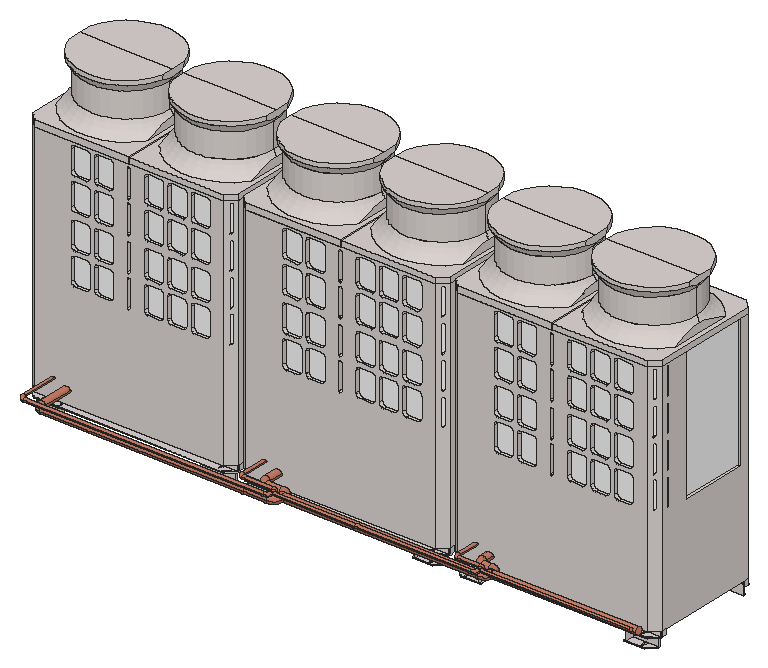
Revit family "PUHY-EP1300YSNW-A1", category 機械設備, Revit 2016 (continued)
Definition of nested family "PUHY-EP400YNW-A1"
  Lines and regions (mm)
    model lines
      curve 14: line (-347, -370, 205) -> (-347, -370, 141)
      curve 15: arc (-485, -370, 215) -> (-492.071, -370, 212.071) -> (-495, -370, 205) r 10
      curve 16: arc (-495, -370, 141) -> (-492.071, -370, 133.929) -> (-485, -370, 131) r 10
      curve 17: arc (-357, -370, 131) -> (-349.929, -370, 133.929) -> (-347, -370, 141) r 10
      curve 18: arc (-347, -370, 205) -> (-349.929, -370, 212.071) -> (-357, -370, 215) r 10
      curve 19: line (-405, -370, 1521) -> (-405, -370, 716)
      curve 20: line (620, -162.3, 1521) -> (620, -162.3, 95)
      curve 21: line (620, 289.2, 1521) -> (620, 289.2, 95)
      curve 22: line (620, -162.3, 705) -> (620, 289.2, 705)
      curve 23: line (620, -162.3, 725) -> (620, 289.2, 725)
      curve 24: line (620, -76.8, 583) -> (620, 203.2, 583)
      curve 25: line (620, 203.2, 563) -> (620, -76.8, 563)
      curve 26: arc (620, -76.8, 583) -> (620, -83.871, 580.071) -> (620, -86.8, 573) r 10
      curve 27: arc (620, -76.8, 563) -> (620, -83.871, 565.929) -> (620, -86.8, 573) r 10
      curve 28: arc (620, 203.2, 583) -> (620, 210.271, 580.071) -> (620, 213.2, 573) r 10
      curve 29: arc (620, 203.2, 563) -> (620, 210.271, 565.929) -> (620, 213.2, 573) r 10
      curve 30: line (620, -76.8, 478) -> (620, 203.2, 478)
      curve 31: line (620, 203.2, 458) -> (620, -76.8, 458)
      curve 32: arc (620, -76.8, 478) -> (620, -83.871, 475.071) -> (620, -86.8, 468) r 10
      curve 33: arc (620, -76.8, 458) -> (620, -83.871, 460.929) -> (620, -86.8, 468) r 10
      curve 34: arc (620, 203.2, 478) -> (620, 210.271, 475.071) -> (620, 213.2, 468) r 10
      curve 35: arc (620, 203.2, 458) -> (620, 210.271, 460.929) -> (620, 213.2, 468) r 10
      curve 36: line (620, -76.8, 373) -> (620, 203.2, 373)
      curve 37: line (620, 203.2, 353) -> (620, -76.8, 353)
      curve 38: arc (620, -76.8, 373) -> (620, -83.871, 370.071) -> (620, -86.8, 363) r 10
      curve 39: arc (620, -76.8, 353) -> (620, -83.871, 355.929) -> (620, -86.8, 363) r 10
      curve 40: arc (620, 203.2, 373) -> (620, 210.271, 370.071) -> (620, 213.2, 363) r 10
      curve 41: arc (620, 203.2, 353) -> (620, 210.271, 355.929) -> (620, 213.2, 363) r 10
      curve 42: line (620, -76.8, 268) -> (620, 203.2, 268)
      curve 43: line (620, 203.2, 248) -> (620, -76.8, 248)
      curve 44: arc (620, -76.8, 268) -> (620, -83.871, 265.071) -> (620, -86.8, 258) r 10
      curve 45: arc (620, -76.8, 248) -> (620, -83.871, 250.929) -> (620, -86.8, 258) r 10
      curve 46: arc (620, 203.2, 268) -> (620, 210.271, 265.071) -> (620, 213.2, 258) r 10
      curve 47: arc (620, 203.2, 248) -> (620, 210.271, 250.929) -> (620, 213.2, 258) r 10
      curve 48: line (-620, -162.3, 1521) -> (-620, -162.3, 95)
      curve 49: line (-620, 235.7, 1521) -> (-620, 235.7, 95)
      curve 50: line (-620, -112.3, 1521) -> (-620, -112.3, 705)
      curve 51: line (-620, 215.7, 1521) -> (-620, 215.7, 705)
      curve 52: line (-620, 235.7, 705) -> (-620, -162.3, 705)
      curve 53: line (-620, 176.7, 268) -> (-620, -103.3, 268)
      curve 54: line (-620, -103.3, 248) -> (-620, 176.7, 248)
      curve 55: arc (-620, 186.7, 258) -> (-620, 183.771, 265.071) -> (-620, 176.7, 268) r 10
      curve 56: arc (-620, 176.7, 248) -> (-620, 183.771, 250.929) -> (-620, 186.7, 258) r 10
      curve 57: arc (-620, -103.3, 268) -> (-620, -110.371, 265.071) -> (-620, -113.3, 258) r 10
      curve 58: arc (-620, -113.3, 258) -> (-620, -110.371, 250.929) -> (-620, -103.3, 248) r 10
      curve 59: line (-620, 176.7, 373) -> (-620, -103.3, 373)
      curve 60: line (-620, -103.3, 353) -> (-620, 176.7, 353)
      curve 61: arc (-620, 186.7, 363) -> (-620, 183.771, 370.071) -> (-620, 176.7, 373) r 10
      curve 62: arc (-620, 176.7, 353) -> (-620, 183.771, 355.929) -> (-620, 186.7, 363) r 10
      curve 63: arc (-620, -103.3, 373) -> (-620, -110.371, 370.071) -> (-620, -113.3, 363) r 10
      curve 64: arc (-620, -113.3, 363) -> (-620, -110.371, 355.929) -> (-620, -103.3, 353) r 10
      curve 65: line (-620, 176.7, 478) -> (-620, -103.3, 478)
      curve 66: line (-620, -103.3, 458) -> (-620, 176.7, 458)
      curve 67: arc (-620, 186.7, 468) -> (-620, 183.771, 475.071) -> (-620, 176.7, 478) r 10
      curve 68: arc (-620, 176.7, 458) -> (-620, 183.771, 460.929) -> (-620, 186.7, 468) r 10
      curve 69: arc (-620, -103.3, 478) -> (-620, -110.371, 475.071) -> (-620, -113.3, 468) r 10
      curve 70: arc (-620, -113.3, 468) -> (-620, -110.371, 460.929) -> (-620, -103.3, 458) r 10
      curve 71: line (-620, 176.7, 583) -> (-620, -103.3, 583)
      curve 72: line (-620, -103.3, 563) -> (-620, 176.7, 563)
      curve 73: arc (-620, 186.7, 573) -> (-620, 183.771, 580.071) -> (-620, 176.7, 583) r 10
      curve 74: arc (-620, 176.7, 563) -> (-620, 183.771, 565.929) -> (-620, 186.7, 573) r 10
      curve 75: arc (-620, -103.3, 583) -> (-620, -110.371, 580.071) -> (-620, -113.3, 573) r 10
      curve 76: arc (-620, -113.3, 573) -> (-620, -110.371, 565.929) -> (-620, -103.3, 563) r 10
      curve 77: line (-544, 370, 1521) -> (-544, 370, 95)
      curve 78: line (489, 370, 649) -> (30, 370, 649)
      curve 79: line (-30.5, 370, 649) -> (-544, 370, 649)
      curve 80: line (-147.25, 370, 584) -> (-427.25, 370, 584)
      curve 81: line (-427.25, 370, 564) -> (-147.25, 370, 564)
      curve 82: arc (-137.25, 370, 574) -> (-140.179, 370, 581.071) -> (-147.25, 370, 584) r 10
      curve 83: arc (-147.25, 370, 564) -> (-140.179, 370, 566.929) -> (-137.25, 370, 574) r 10
      curve 84: arc (-427.25, 370, 584) -> (-434.321, 370, 581.071) -> (-437.25, 370, 574) r 10
      curve 85: arc (-437.25, 370, 574) -> (-434.321, 370, 566.929) -> (-427.25, 370, 564) r 10
      curve 86: circle (448, -185, 1521) r 15 normal (0, 0, 1)
      curve 87: circle (468, -185, 95) r 26 normal (0, 0, 1)
      curve 88: circle (448, -260, 95) r 32.5 normal (0, 0, 1)
      curve 89: circle (404, -204, 95) r 17 normal (0, 0, 1)
      curve 90: line (-550, -370, 1521) -> (-550, -370, 95)
      curve 91: line (-550, -370, 716) -> (-30, -370, 716)
      curve 92: line (550, -370, 95) -> (550, -370, 1521)
      curve 93: line (30, -370, 716) -> (550, -370, 716)
      curve 94: line (-30.5, 370, 1521) -> (-30.5, 370, 95)
      curve 95: line (30, 370, 1521) -> (30, 370, 95)
      curve 96: line (489, 370, 1521) -> (489, 370, 95)
      curve 97: line (467, 370, 669) -> (467, 370, 649)
      curve 98: line (-352, -370, 223) -> (-550, -370, 223)
      curve 99: line (-342, -370, 213) -> (-342, -370, 95)
      curve 100: arc (-342, -370, 213) -> (-344.929, -370, 220.071) -> (-352, -370, 223) r 10
      curve 101: circle (488, -370, 160) r 32.5 normal (0, -1, 0)
      curve 102: circle (488, -370, 160) r 20 normal (0, -1, 0)
      curve 103: circle (364, -370, 150) r 17 normal (0, -1, 0)
      curve 104: circle (413, -370, 185) r 26 normal (0, -1, 0)
      curve 105: circle (413, -370, 185) r 13.5 normal (0, -1, 0)
      curve 106: line (352, -370, 223) -> (550, -370, 223)
      curve 107: line (342, -370, 213) -> (342, -370, 95)
      curve 108: arc (342, -370, 213) -> (344.929, -370, 220.071) -> (352, -370, 223) r 10
      curve 109: line (-147.25, 370, 479) -> (-427.25, 370, 479)
      curve 110: line (-427.25, 370, 459) -> (-147.25, 370, 459)
      curve 111: arc (-137.25, 370, 469) -> (-140.179, 370, 476.071) -> (-147.25, 370, 479) r 10
      curve 112: arc (-147.25, 370, 459) -> (-140.179, 370, 461.929) -> (-137.25, 370, 469) r 10
      curve 113: arc (-427.25, 370, 479) -> (-434.321, 370, 476.071) -> (-437.25, 370, 469) r 10
      curve 114: arc (-437.25, 370, 469) -> (-434.321, 370, 461.929) -> (-427.25, 370, 459) r 10
      curve 115: line (-147.25, 370, 374) -> (-427.25, 370, 374)
      curve 116: line (-427.25, 370, 354) -> (-147.25, 370, 354)
      curve 117: arc (-137.25, 370, 364) -> (-140.179, 370, 371.071) -> (-147.25, 370, 374) r 10
      curve 118: arc (-147.25, 370, 354) -> (-140.179, 370, 356.929) -> (-137.25, 370, 364) r 10
      curve 119: arc (-427.25, 370, 374) -> (-434.321, 370, 371.071) -> (-437.25, 370, 364) r 10
      curve 120: arc (-437.25, 370, 364) -> (-434.321, 370, 356.929) -> (-427.25, 370, 354) r 10
      curve 121: line (-147.25, 370, 269) -> (-427.25, 370, 269)
      curve 122: line (-427.25, 370, 249) -> (-147.25, 370, 249)
      curve 123: arc (-137.25, 370, 259) -> (-140.179, 370, 266.071) -> (-147.25, 370, 269) r 10
      curve 124: arc (-147.25, 370, 249) -> (-140.179, 370, 251.929) -> (-137.25, 370, 259) r 10
      curve 125: arc (-427.25, 370, 269) -> (-434.321, 370, 266.071) -> (-437.25, 370, 259) r 10
      curve 126: arc (-437.25, 370, 259) -> (-434.321, 370, 251.929) -> (-427.25, 370, 249) r 10
      curve 127: line (399.5, 370, 584) -> (119.5, 370, 584)
      curve 128: line (119.5, 370, 564) -> (399.5, 370, 564)
      curve 129: arc (409.5, 370, 574) -> (406.571, 370, 581.071) -> (399.5, 370, 584) r 10
      curve 130: arc (399.5, 370, 564) -> (406.571, 370, 566.929) -> (409.5, 370, 574) r 10
      curve 131: arc (119.5, 370, 584) -> (112.429, 370, 581.071) -> (109.5, 370, 574) r 10
      curve 132: arc (109.5, 370, 574) -> (112.429, 370, 566.929) -> (119.5, 370, 564) r 10
      curve 133: line (399.5, 370, 479) -> (119.5, 370, 479)
      curve 134: line (119.5, 370, 459) -> (399.5, 370, 459)
      curve 135: arc (409.5, 370, 469) -> (406.571, 370, 476.071) -> (399.5, 370, 479) r 10
      curve 136: arc (399.5, 370, 459) -> (406.571, 370, 461.929) -> (409.5, 370, 469) r 10
      curve 137: arc (119.5, 370, 479) -> (112.429, 370, 476.071) -> (109.5, 370, 469) r 10
      curve 138: arc (109.5, 370, 469) -> (112.429, 370, 461.929) -> (119.5, 370, 459) r 10
      curve 139: line (399.5, 370, 374) -> (119.5, 370, 374)
      curve 140: line (119.5, 370, 354) -> (399.5, 370, 354)
      curve 141: arc (409.5, 370, 364) -> (406.571, 370, 371.071) -> (399.5, 370, 374) r 10
      curve 142: arc (399.5, 370, 354) -> (406.571, 370, 356.929) -> (409.5, 370, 364) r 10
      curve 143: arc (119.5, 370, 374) -> (112.429, 370, 371.071) -> (109.5, 370, 364) r 10
      curve 144: arc (109.5, 370, 364) -> (112.429, 370, 356.929) -> (119.5, 370, 354) r 10
      curve 145: line (399.5, 370, 269) -> (119.5, 370, 269)
      curve 146: line (119.5, 370, 249) -> (399.5, 370, 249)
      curve 147: arc (409.5, 370, 259) -> (406.571, 370, 266.071) -> (399.5, 370, 269) r 10
      curve 148: arc (399.5, 370, 249) -> (406.571, 370, 251.929) -> (409.5, 370, 259) r 10
      curve 149: arc (119.5, 370, 269) -> (112.429, 370, 266.071) -> (109.5, 370, 259) r 10
      curve 150: arc (109.5, 370, 259) -> (112.429, 370, 251.929) -> (119.5, 370, 249) r 10
      curve 151: line (399.5, -370, 584) -> (119.5, -370, 584)
      curve 152: line (119.5, -370, 564) -> (399.5, -370, 564)
      curve 153: arc (409.5, -370, 574) -> (406.571, -370, 581.071) -> (399.5, -370, 584) r 10
      curve 154: arc (399.5, -370, 564) -> (406.571, -370, 566.929) -> (409.5, -370, 574) r 10
      curve 155: arc (119.5, -370, 584) -> (112.429, -370, 581.071) -> (109.5, -370, 574) r 10
      curve 156: arc (109.5, -370, 574) -> (112.429, -370, 566.929) -> (119.5, -370, 564) r 10
      curve 157: line (399.5, -370, 479) -> (119.5, -370, 479)
      curve 158: line (119.5, -370, 459) -> (399.5, -370, 459)
      curve 159: arc (409.5, -370, 469) -> (406.571, -370, 476.071) -> (399.5, -370, 479) r 10
      curve 160: arc (399.5, -370, 459) -> (406.571, -370, 461.929) -> (409.5, -370, 469) r 10
      curve 161: arc (119.5, -370, 479) -> (112.429, -370, 476.071) -> (109.5, -370, 469) r 10
      curve 162: arc (109.5, -370, 469) -> (112.429, -370, 461.929) -> (119.5, -370, 459) r 10
      curve 163: line (399.5, -370, 374) -> (119.5, -370, 374)
      curve 164: line (119.5, -370, 354) -> (399.5, -370, 354)
      curve 165: arc (409.5, -370, 364) -> (406.571, -370, 371.071) -> (399.5, -370, 374) r 10
      curve 166: arc (399.5, -370, 354) -> (406.571, -370, 356.929) -> (409.5, -370, 364) r 10
      curve 167: arc (119.5, -370, 374) -> (112.429, -370, 371.071) -> (109.5, -370, 364) r 10
      curve 168: arc (109.5, -370, 364) -> (112.429, -370, 356.929) -> (119.5, -370, 354) r 10
      curve 169: arc (119.5, -370, 269) -> (112.429, -370, 266.071) -> (109.5, -370, 259) r 10
      curve 170: arc (109.5, -370, 259) -> (112.429, -370, 251.929) -> (119.5, -370, 249) r 10
      curve 171: line (-147.25, -370, 584) -> (-427.25, -370, 584)
      curve 172: line (-427.25, -370, 564) -> (-147.25, -370, 564)
      curve 173: arc (-137.25, -370, 574) -> (-140.179, -370, 581.071) -> (-147.25, -370, 584) r 10
      curve 174: arc (-147.25, -370, 564) -> (-140.179, -370, 566.929) -> (-137.25, -370, 574) r 10
      curve 175: arc (-427.25, -370, 584) -> (-434.321, -370, 581.071) -> (-437.25, -370, 574) r 10
      curve 176: arc (-437.25, -370, 574) -> (-434.321, -370, 566.929) -> (-427.25, -370, 564) r 10
      curve 177: line (-147.25, -370, 479) -> (-427.25, -370, 479)
      curve 178: line (-427.25, -370, 459) -> (-147.25, -370, 459)
      curve 179: arc (-137.25, -370, 469) -> (-140.179, -370, 476.071) -> (-147.25, -370, 479) r 10
      curve 180: arc (-147.25, -370, 459) -> (-140.179, -370, 461.929) -> (-137.25, -370, 469) r 10
      curve 181: arc (-427.25, -370, 479) -> (-434.321, -370, 476.071) -> (-437.25, -370, 469) r 10
      curve 182: arc (-437.25, -370, 469) -> (-434.321, -370, 461.929) -> (-427.25, -370, 459) r 10
      curve 183: line (-147.25, -370, 374) -> (-427.25, -370, 374)
      curve 184: line (-427.25, -370, 354) -> (-147.25, -370, 354)
      curve 185: arc (-137.25, -370, 364) -> (-140.179, -370, 371.071) -> (-147.25, -370, 374) r 10
      curve 186: arc (-147.25, -370, 354) -> (-140.179, -370, 356.929) -> (-137.25, -370, 364) r 10
      curve 187: arc (-427.25, -370, 374) -> (-434.321, -370, 371.071) -> (-437.25, -370, 364) r 10
      curve 188: arc (-437.25, -370, 364) -> (-434.321, -370, 356.929) -> (-427.25, -370, 354) r 10
      curve 189: line (-147.25, -370, 269) -> (-262.25, -370, 269)
      curve 190: line (-262.25, -370, 249) -> (-147.25, -370, 249)
      curve 191: arc (-137.25, -370, 259) -> (-140.179, -370, 266.071) -> (-147.25, -370, 269) r 10
      curve 192: arc (-147.25, -370, 249) -> (-140.179, -370, 251.929) -> (-137.25, -370, 259) r 10
      curve 193: arc (-262.25, -370, 269) -> (-269.321, -370, 266.071) -> (-272.25, -370, 259) r 10
      curve 194: arc (-272.25, -370, 259) -> (-269.321, -370, 251.929) -> (-262.25, -370, 249) r 10
      curve 195: line (234.5, -370, 269) -> (119.5, -370, 269)
      curve 196: line (119.5, -370, 249) -> (234.5, -370, 249)
      curve 197: arc (244.5, -370, 259) -> (241.571, -370, 266.071) -> (234.5, -370, 269) r 10
      curve 198: arc (234.5, -370, 249) -> (241.571, -370, 251.929) -> (244.5, -370, 259) r 10
  Dimensions and locks
    nested 2 to nested 2 = 303.000 mm
    cut or joined group 1 (Extrusion 1, Extrusion 2, Extrusion 3, Extrusion 4, Extrusion 5, Extrusion 6, Extrusion 7, Extrusion 8, Extrusion 9, Extrusion 10, Extrusion 11, Extrusion 12, Extrusion 13, Extrusion 14, Extrusion 15, Extrusion 16, Extrusion 17, Extrusion 18, Extrusion 19, Extrusion 20, Extrusion 21, Extrusion 22, Extrusion 23, Extrusion 24, Extrusion 25, Extrusion 26, Extrusion 27, Extrusion 28, Extrusion 29, Extrusion 30, Extrusion 31, Extrusion 32, Extrusion 33) to cut or joined group 1 = 1240.000 mm
    Extrusion 2 sketch curve to Extrusion 2 sketch curve = 116.800 mm
    Extrusion 2 sketch curve to Extrusion 2 sketch curve = 170.800 mm
    Extrusion 3 sketch curve to Extrusion 3 sketch curve = 116.800 mm
    Extrusion 3 sketch curve to Extrusion 3 sketch curve = 170.800 mm
    Extrusion 4 sketch curve to Extrusion 4 sketch curve = 116.800 mm
    Extrusion 4 sketch curve to Extrusion 4 sketch curve = 170.800 mm
    Extrusion 5 sketch curve to Extrusion 5 sketch curve = 116.800 mm
    Extrusion 5 sketch curve to Extrusion 5 sketch curve = 170.800 mm
    Extrusion 6 sketch curve to Extrusion 6 sketch curve = 116.800 mm
    Extrusion 6 sketch curve to Extrusion 6 sketch curve = 170.800 mm
    Extrusion 7 sketch curve to Extrusion 7 sketch curve = 116.800 mm
    Extrusion 7 sketch curve to Extrusion 7 sketch curve = 170.800 mm
    Extrusion 8 sketch curve to Extrusion 8 sketch curve = 116.800 mm
    Extrusion 8 sketch curve to Extrusion 8 sketch curve = 170.800 mm
    Extrusion 9 sketch curve to Extrusion 9 sketch curve = 116.800 mm
    Extrusion 9 sketch curve to Extrusion 9 sketch curve = 170.800 mm
    cut or joined group 1 to cut or joined group 1 = 50.000 mm  (x2)
    Extrusion 10 sketch curve to Extrusion 10 sketch curve = 116.800 mm
    Extrusion 10 sketch curve to Extrusion 10 sketch curve = 170.800 mm
    Extrusion 11 sketch curve to Extrusion 11 sketch curve = 116.800 mm
    Extrusion 11 sketch curve to Extrusion 11 sketch curve = 170.800 mm
    Extrusion 12 sketch curve to Extrusion 12 sketch curve = 116.800 mm
    Extrusion 12 sketch curve to Extrusion 12 sketch curve = 170.800 mm
    Extrusion 13 sketch curve to Extrusion 13 sketch curve = 116.800 mm
    Extrusion 13 sketch curve to Extrusion 13 sketch curve = 170.800 mm
    Extrusion 14 sketch curve to Extrusion 14 sketch curve = 116.800 mm
    Extrusion 14 sketch curve to Extrusion 14 sketch curve = 170.800 mm
    Extrusion 15 sketch curve to Extrusion 15 sketch curve = 116.800 mm
    Extrusion 15 sketch curve to Extrusion 15 sketch curve = 170.800 mm
    Extrusion 16 sketch curve to Extrusion 16 sketch curve = 116.800 mm
    Extrusion 16 sketch curve to Extrusion 16 sketch curve = 170.800 mm
    Extrusion 17 sketch curve to Extrusion 17 sketch curve = 116.800 mm
    Extrusion 17 sketch curve to Extrusion 17 sketch curve = 170.800 mm
    Extrusion 18 sketch curve to Extrusion 18 sketch curve = 116.800 mm
    Extrusion 18 sketch curve to Extrusion 18 sketch curve = 170.800 mm
    Extrusion 19 sketch curve to Extrusion 19 sketch curve = 116.800 mm
    Extrusion 19 sketch curve to Extrusion 19 sketch curve = 170.800 mm
    Extrusion 20 sketch curve to Extrusion 20 sketch curve = 116.800 mm
    Extrusion 20 sketch curve to Extrusion 20 sketch curve = 170.800 mm
    Extrusion 21 sketch curve to Extrusion 21 sketch curve = 116.800 mm
    Extrusion 21 sketch curve to Extrusion 21 sketch curve = 170.800 mm
    plane 3 "Center (Left/Right)" to cut or joined group 1 = 620.000 mm
    cut or joined group 1 to plane 3 "Center (Left/Right)" = 620.000 mm
    Extrusion 1 sketch curve to Extrusion 1 sketch curve = 1240.000 mm
    cut or joined group 1 to plane 8 = 185.000 mm
    cut or joined group 1 to plane 7 = 166.000 mm
    cut or joined group 1 to plane 6 = 110.000 mm
    cut or joined group 1 to plane 12 to cut or joined group 1 = 805.000 mm, 621.000 mm
    plane 5 to plane 2 = 1858.000 mm  (x2)
    cut or joined group 1 to plane 19 "132" = 132.000 mm
    cut or joined group 1 to plane 22 = 207.000 mm
    cut or joined group 1 to plane 23 = 256.000 mm
    cut or joined group 1 to plane 6 = 60.000 mm
    cut or joined group 1 to cut or joined group 1 = 42.154 mm
    cut or joined group 1 to cut or joined group 1 = 11.895 mm
    nested 1 to nested 3 to level = 1798.000 mm, 60.000 mm
    nested 1 to nested 1 = 303.000 mm
    nested 1 to nested 3 = 1495.000 mm
    nested 8 to nested 8 to nested 8 to nested 7 to nested 7 to nested 7 = 54.000 mm, 20.000 mm, 592.000 mm, 20.000 mm, 54.000 mm
    nested 3 to nested 3 = 56.000 mm
    plane 11 to plane 31 to plane 32 to cut or joined group 1 = 90.000 mm, 1060.000 mm, 90.000 mm
    curve 103 to nested 7 = 90.000 mm
    curve 104 to nested 7 = 125.000 mm
    curve 101 to nested 7 = 100.000 mm
    curve 11 to curve 13 to nested 7 = 84.000 mm, 71.000 mm
    cut or joined group 1 to curve 12 to curve 14 = 125.000 mm, 148.000 mm
    nested 2 to nested 7 = 1495.000 mm
    curve 87 to cut or joined group 1 = 152.000 mm
    curve 88 to cut or joined group 1 = 172.000 mm
    curve 89 to cut or joined group 1 = 216.000 mm
    cut or joined group 1 to curve 4 to curve 2 = 128.000 mm, 150.000 mm
    cut or joined group 1 to curve 1 to curve 3 = 79.000 mm, 94.000 mm
    Extrusion 32 sketch curve to nested 7 = 116.000 mm
    cut or joined group 1 to Extrusion 32 sketch curve = 160.000 mm
    cut or joined group 1 to Extrusion 33 sketch curve = 243.000 mm
    Extrusion 33 sketch curve to nested 7 = 116.000 mm
    aligned and locked: level to plane 2
    aligned and locked: Extrusion 1 to plane 4
  Nested families
    nested 1: "FAN GUARD" at (-311.5, 2, 860), type "FAN GUARD"
      with WIDTH 870.000 mm
    nested 2: "FAN GUARD" at (311.5, 2, 860) x (-1, 0, 0) z (0, 0, 1), type "FAN GUARD"
      with WIDTH 870.000 mm
    nested 3: "ATTACHMENT LEG" at (-524, -349, 0), type "ATTACHMENT LEG"
    nested 4: "ATTACHMENT LEG" at (-524, 349, 0), type "ATTACHMENT LEG"
    nested 5: "ATTACHMENT LEG" at (524, -349, 0) x (-1, 0, 0) z (0, 0, 1), type "ATTACHMENT LEG"
    nested 6: "ATTACHMENT LEG" at (524, 349, 0) x (-1, 0, 0) z (0, 0, 1), type "ATTACHMENT LEG"
    nested 7: "BASE LEG_L_" at (0, -352, 60), type "BASE LEG_L_"
      with Width 1240.000 mm
    nested 8: "BASE LEG_L_" at (0, 352, 60), type "BASE LEG_L_"
      with Width 1240.000 mm
  Connectors
    piping at (-460, -191, 176), diameter 25.4, driven by "Liquid pipe_radius"
      settings: on cut or joined group 1, index 3, connector inside diameter 25.4 mm, connector length 0.000 mm, flow factor 0, pipe flow 0.0 L/s, pressure drop 0.0 Pa, fitting loss kfactor 0, connector angle 0.00°, fixture units 0, engagement length 0.000 mm, angle of deflection 0.00°, flow configuration 0, flow direction 0, fitting loss method 0, system type 22, joint type 0, gender type 0, connector reference index -1, connector utility 0, adjustable connector no, is connector primary yes, connector description "Refrigerant service valve<Liquid pipe>"
    piping at (-377, -191, 176), diameter 28.58, driven by "Gas pipe_radius"
      settings: on cut or joined group 1, index 4, connector inside diameter 28.58 mm, connector length 0.000 mm, flow factor 0, pipe flow 0.0 L/s, pressure drop 0.0 Pa, fitting loss kfactor 0, connector angle 0.00°, fixture units 0, engagement length 0.000 mm, angle of deflection 0.00°, flow configuration 0, flow direction 0, fitting loss method 0, system type 22, joint type 0, gender type 0, connector reference index -1, connector utility 0, adjustable connector no, is connector primary no, connector description "Refrigerant service valve<Gas>"
    electrical at (0, -370, 808)
      settings: on cut or joined group 1, index 5, voltage 0 V, apparent load 0 VA, apparent load phase1 0 VA, apparent load phase2 0 VA, apparent load phase3 0 VA, power factor 1, load classification none, number of poles 1, system type 30, power factor state 1, is connector primary yes, connector utility no, sub classification motor no, connector description ""
  Definition of nested family "FAN GUARD"
    Parameters
      WIDTH [instance] = 870.000 mm
    Reference planes
      plane 1 "中心(正面/背面)": y = -2
      plane 2: z = 0
      plane 3 "ファンガード基準面": z = 661
      plane 4: y = 368
      plane 5: x = 366
      plane 6: x = -375
      plane 7 "ファンガード基準上面": z = 695
      plane 8 "ファンガード上面": z = 998
      plane 9: x = -273.971
      plane 10: x = 308.5
      plane 11: x = -308.5
      plane 12: x = 0
    Forms (mm)
      Extrusion 1, solid
        sketch origin (85, 0, 661) x (-1, 0, 0) y (0, -1, 0)
          loop
            line (343.5, -368) -> (393.5, -318) -> (393.5, 322) -> (343.5, 372) -> (-223.5, 372) -> (-223.5, -368) -> (343.5, -368)
        from 0 to 34
      Revolve 2, solid
        sketch origin (0, -2, 0) x (1, 0, 0) y (0, 0, 1)
          loop
            line (0, 695) -> (0, 998) -> (-290, 998) -> (-290, 972.327) -> (-260, 928.372) -> (-260, 777.384)
            arc (-260, 777.384) -> (-290.651, 730.137) -> (-334.665, 695) r 175.882
            line (-334.665, 695) -> (0, 695)
          axis (0, 998) -> (0, 695)
        angle from 0 to 360
      Extrusion 3, void
        sketch origin (-840, 75, 695) x (-1, 0, 0) y (0, -1, 0)
          loop
            line (-410, -165) -> (-410, 315) -> (-561.253, 315) -> (-561.253, -165) -> (-410, -165)
        from -35 to 430.592
      Extrusion 4, void
        sketch origin (840, 75, 695) x (1, 0, 0) y (0, 1, 0)
          loop
            line (-410, 165) -> (-561.253, 165) -> (-561.253, -315) -> (-410, -315) -> (-410, 165)
        from 0 to 430.592
    Cuts and joins
      Extrusion 3, Extrusion 4 cuts Revolve 2
      Extrusion 4 cuts Extrusion 1
    Lines and regions (mm)
      model lines
        curve 1: line (-278.747, 0, 998) -> (-80, 0, 998)
        curve 2: line (80, 0, 998) -> (278.747, 0, 998)
        curve 3: circle (0, 0, 998) r 80 normal (0, 0, 1)
        curve 4: line (-278.747, -80, 998) -> (278.747, -80, 998)
        curve 5: line (-241.868, -160, 998) -> (241.868, -160, 998)
        curve 6: line (-162.788, -240, 998) -> (162.788, -240, 998)
        curve 7: line (-278.747, 80, 998) -> (278.747, 80, 998)
        curve 8: line (-241.868, 160, 998) -> (240, 160, 998)
        curve 9: line (-160, 240, 998) -> (162.788, 240, 998)
        curve 10: line (0, 290, 998) -> (0, -290, 998)
        curve 11: line (-20, 289.31, 998) -> (-20, -289.31, 998)
        curve 12: line (-40, 287.228, 998) -> (-40, -287.228, 998)
        curve 13: line (-60, 283.725, 998) -> (-60, -283.725, 998)
        curve 14: line (-80, 278.747, 998) -> (-80, -278.747, 998)
        curve 15: line (20, 289.31, 998) -> (20, -289.31, 998)
        curve 16: line (40, 287.228, 998) -> (40, -287.228, 998)
        curve 17: line (60, 283.725, 998) -> (60, -283.725, 998)
        curve 18: line (80, 278.747, 998) -> (80, -278.747, 998)
        curve 19: line (100, 272.213, 998) -> (100, -272.213, 998)
        curve 20: line (120, 264.008, 998) -> (120, -264.008, 998)
        curve 21: line (140, 253.969, 998) -> (140, -253.969, 998)
        curve 22: line (160, 241.868, 998) -> (160, -243.132, 998)
        curve 23: line (180, 227.376, 998) -> (180, -227.624, 998)
        curve 24: line (200, 210, 998) -> (200, -210, 998)
        curve 25: line (220, 188.944, 998) -> (220, -188.944, 998)
        curve 26: line (240, 160, 998) -> (240, -162.788, 998)
        curve 27: line (260, 128.452, 998) -> (260, -128.452, 998)
        curve 28: line (-100, 272.213, 998) -> (-100, -272.213, 998)
        curve 29: line (-120, 264.008, 998) -> (-120, -264.008, 998)
        curve 30: line (-140, 253.969, 998) -> (-140, -253.969, 998)
        curve 31: line (-160, 240, 998) -> (-160, -241.868, 998)
        curve 32: line (-180, 227.376, 998) -> (-180, -227.376, 998)
        curve 33: line (-200, 210, 998) -> (-200, -210, 998)
        curve 34: line (-220, 188.944, 998) -> (-220, -188.944, 998)
        curve 35: line (-240, 162.788, 998) -> (-240, -162.788, 998)
        curve 36: line (-260, 128.452, 998) -> (-260, -128.452, 998)
        curve 37: line (10, 79.373, 998) -> (10, -79.373, 998)
        curve 38: line (-10, 79.373, 998) -> (-10, -79.373, 998)
        curve 39: line (30, 74.162, 998) -> (30, -74.162, 998)
        curve 40: line (50, 62.45, 998) -> (50, -62.45, 998)
        curve 41: line (70, 38.73, 998) -> (70, -38.73, 998)
        curve 42: line (-30, 74.162, 998) -> (-30, -74.162, 998)
        curve 43: line (-50, 62.45, 998) -> (-50, -62.45, 998)
        curve 44: line (-70, 38.73, 998) -> (-70, -38.73, 998)
    Dimensions and locks
      locked: plane 8 "ファンガード上面" to plane 7 "ファンガード基準上面" at 303
      plane 8 "ファンガード上面" to plane 3 "ファンガード基準面" = 337.000 mm
      Revolve 2 sketch curve to Revolve 2 sketch curve = 290.000 mm
      Extrusion 1 sketch curve to Extrusion 1 sketch curve = 740.000 mm
      equal spacing: Extrusion 1 sketch curve, plane 1 "中心(正面/背面)", Extrusion 1 sketch curve
      plane 6 to plane 5 = 741.000 mm
      Extrusion 1 sketch curve to Extrusion 1 sketch curve = 617.000 mm
      plane 11 to plane 10 = 617.000 mm
      cut or joined group of Extrusion 1, Extrusion 4 to cut or joined group of Extrusion 1, Extrusion 4 = 617.000 mm
      cut or joined group of Extrusion 1, Extrusion 4 to cut or joined group of Extrusion 1, Extrusion 4 = 740.000 mm
      aligned and locked: level to plane 2
      aligned and locked: plane 7 "ファンガード基準上面" to Extrusion 1
      aligned and locked: plane 3 "ファンガード基準面" to Extrusion 1
      aligned and locked: cut or joined group of Revolve 2, Extrusion 3, Extrusion 4 to plane 8 "ファンガード上面"
  Definition of nested family "ATTACHMENT LEG"
    Parameters
      Width = 145.000 mm
    Reference planes
      plane 1: z = 0
      plane 2 "中心(左/右)": x = -6
      plane 3: x = -52
      plane 4: x = 85
      plane 5: x = 93
      plane 6: y = -21
      plane 7: y = 27
      plane 8: x = -30
      plane 9: y = 39
      plane 10: z = 60
      plane 11: z = 57
      plane 12: z = 3
      plane 13: x = 82
      plane 14: y = 36
      plane 15: x = -75
      plane 16: y = 31
      plane 17 "幅": x = 93
      plane 18: y = 2.5
      plane 19: y = 21
      plane 20: y = -10
    Forms (mm)
      Extrusion 1, solid
        sketch origin (0, -1, 0) x (1, 0, 0) y (0, 1, 0)
          loop
            line (-75, 36) -> (-75, 27) -> (-28, -20) -> (93, -20) -> (93, 32) -> (85, 32) -> (85, 36) -> (-75, 36)
        from 0 to 60
      Extrusion 2, void
        sketch origin (0, -3, 0) x (1, 0, 0) y (0, 0, 1)
          loop
            line (-75, 57) -> (-75, 3) -> (82, 3) -> (82, 57) -> (-75, 57)
          loop
            line (93, 57) -> (85, 57) -> (85, 3) -> (93, 3) -> (93, 57)
        from -35 to 18
      Extrusion 3, void
        sketch origin (-6, 5.5, 0) x (1, 0, 0) y (0, 1, 0)
          loop
            arc (-7, -8.5) -> (0, -15.5) -> (7, -8.5) r 7
            line (7, -8.5) -> (7, 8.5)
            arc (7, 8.5) -> (0, 15.5) -> (-7, 8.5) r 7
            line (-7, 8.5) -> (-7, -8.5)
        from 0 to 60
    Cuts and joins
      Extrusion 2, Extrusion 3 cuts Extrusion 1
    Dimensions and locks
      locked: plane 3 to plane 4 at 137
      locked: plane 3 to plane 5 at 145
      plane 6 to plane 7 = 48.000 mm
      locked: plane 10 to level at 60
      Extrusion 3 sketch curve to plane 2 "中心(左/右)" = 7.000 mm
      locked: plane 15 to plane 2 "中心(左/右)" at 69
      locked: plane 15 to plane 8 at 45
      locked: plane 6 to plane 18 at 23.5
      cut or joined group of Extrusion 1, Extrusion 2, Extrusion 3 to cut or joined group of Extrusion 1, Extrusion 2, Extrusion 3 = 168.000 mm
      cut or joined group of Extrusion 1, Extrusion 2, Extrusion 3 to cut or joined group of Extrusion 1, Extrusion 2, Extrusion 3 = 56.000 mm  (x2)
      plane 14 to plane 6 = 57.000 mm
      aligned and locked: level to plane 1
      aligned and locked: Extrusion 1 sketch curve to plane 4
      aligned and locked: Extrusion 1 sketch curve to plane 5
      aligned: plane 8 to Extrusion 1 sketch curve
      aligned and locked: plane 10 to Extrusion 1
      aligned and locked: Extrusion 2 sketch curve to plane 11
      aligned: plane 3 to Extrusion 2 sketch curve
      aligned and locked: plane 12 to Extrusion 2 sketch curve
      aligned and locked: Extrusion 2 sketch curve to plane 13
      aligned and locked: plane 6 to Extrusion 2
      aligned and locked: plane 11 to Extrusion 2 sketch curve
      aligned and locked: plane 5 to Extrusion 2 sketch curve
      aligned and locked: Extrusion 2 sketch curve to plane 12
      aligned and locked: Extrusion 2 sketch curve to plane 4
      aligned and locked: plane 15 to Extrusion 1 sketch curve
      aligned and locked: Extrusion 2 sketch curve to cut or joined group of Extrusion 1, Extrusion 2, Extrusion 3
      aligned and locked: Extrusion 1 to plane 16
  Definition of nested family "BASE LEG_L_"
    Parameters
      Width [instance] = 1240.000 mm
    Reference planes
      plane 1 "中心(正面/背面)": y = 0
      plane 2: z = 0
      plane 3 "中心(左/右)": x = 0
      plane 4: x = 620
      plane 5: x = -620
      plane 6: x = -530
      plane 7: x = 530
      plane 8: y = -18
      plane 9: y = 39
      plane 10: z = 53
      plane 11: y = 42
      plane 12: y = 27
      plane 13: x = 575
      plane 14: x = -575
      plane 15: z = 8
      plane 16: y = 11.5
      plane 17: z = 35
    Forms (mm)
      Extrusion 1, solid
        sketch origin (0, 0, 0) x (0, 1, 0) y (0, 0, 1)
          loop
            line (-18, 0) -> (36, 0) -> (36, 32) -> (56, 32) -> (56, 35) -> (33, 35) -> (33, 3) -> (-18, 3) -> (-18, 0)
        from -620 to 620
      Extrusion 2, void
        sketch origin (0, 0, 0) x (1, 0, 0) y (0, 1, 0)
          loop
            line (575, -18) -> (620, -18) -> (620, 27) -> (575, -18)
          loop
            line (-575, -18) -> (-620, 27) -> (-620, -18) -> (-575, -18)
        from 0 to 250
      Extrusion 3, void
        sketch origin (0, 12.023, 0) x (1, 0, 0) y (0, 1, 0)
          loop
            arc (523, -2.971) -> (530, -9.971) -> (537, -2.971) r 7
            line (537, -2.971) -> (537, 3.023)
            arc (537, 3.023) -> (530, 10.023) -> (523, 3.023) r 7
            line (523, 3.023) -> (523, -2.971)
          loop
            line (-523, -2.971) -> (-523, 3.023)
            arc (-523, 3.023) -> (-530, 10.023) -> (-537, 3.023) r 7
            line (-537, 3.023) -> (-537, -2.971)
            arc (-537, -2.971) -> (-530, -9.971) -> (-523, -2.971) r 7
        from 0 to 250
      Extrusion 4, solid
        sketch origin (0, 0, -3) x (1, 0, 0) y (0, 0, 1)
          loop
            line (617, 8) -> (620, 8) -> (620, 35) -> (617, 35) -> (617, 8)
          loop
            line (-617, 8) -> (-617, 35) -> (-620, 35) -> (-620, 8) -> (-617, 8)
        from -36 to -56
      Extrusion 5, solid
        sketch origin (150, 352, 0) x (1, 0, 0) y (0, 1, 0)
          loop
            line (460, -319) -> (455, -319) -> (455, -320) -> (405, -370) -> (410, -370) -> (460, -320) -> (460, -319)
        from 3 to 35
      Extrusion 6, void
        sketch origin (560, -18, 0) x (0.707107, 0.707107, 0) y (0, 0, 1)
          loop
            line (70.711, 3) -> (-6.741, 39.767) -> (-6.741, 3) -> (70.711, 3)
        from -190.256 to 23.776
      Extrusion 7, solid
        sketch origin (-150, 352, 0) x (-1, 0, 0) y (0, -1, 0)
          loop
            line (460, 319) -> (460, 320) -> (410, 370) -> (405, 370) -> (455, 320) -> (455, 319) -> (460, 319)
        from 3 to 35
      Extrusion 8, void
        sketch origin (-560, -18, 0) x (0.707107, -0.707107, 0) y (0, 0, -1)
          loop
            line (-70.711, -3) -> (0, -35) -> (6.741, -35) -> (6.741, -3) -> (-70.711, -3)
        from -190.256 to 23.776
    Cuts and joins
      Extrusion 2, Extrusion 3 cuts Extrusion 1
      joined: Extrusion 1, Extrusion 4
      Extrusion 8 cuts Extrusion 7
      Extrusion 6 cuts Extrusion 5
    Dimensions and locks
      "Width": plane 5 to plane 4
      equal spacing: plane 5, plane 3 "中心(左/右)", plane 4
      locked: plane 5 to plane 6 at 90
      locked: plane 7 to plane 4 at 90
      locked: plane 8 to plane 9 at 57
      locked: plane 10 to level at 53
      locked: plane 9 to plane 11 at 3
      plane 8 to plane 12 = 45.000 mm
      locked: plane 13 to plane 4 at 45
      locked: plane 5 to plane 14 at 45
      equal spacing: Extrusion 3 sketch curve, plane 7, Extrusion 3 sketch curve
      equal spacing: Extrusion 3 sketch curve, plane 6, Extrusion 3 sketch curve
      locked: plane 10 to plane 15 at 45
      locked: cut or joined group of Extrusion 1, Extrusion 2, Extrusion 3, Extrusion 4 to Extrusion 4 sketch curve at 3  (x2)
      locked: plane 8 to plane 16 at 29.5
      plane 8 to plane 11 = 60.000 mm
      cut or joined group of Extrusion 1, Extrusion 2, Extrusion 3, Extrusion 4 to cut or joined group of Extrusion 1, Extrusion 2, Extrusion 3, Extrusion 4 = 35.000 mm
      aligned and locked: level to plane 2
      aligned and locked: plane 8 to Extrusion 1 sketch curve
      aligned and locked: plane 4 to Extrusion 1
      aligned and locked: Extrusion 1 to plane 5
      aligned and locked: Extrusion 2 sketch curve to plane 4
      aligned and locked: Extrusion 2 sketch curve to plane 8
      aligned and locked: plane 12 to Extrusion 2 sketch curve
      aligned and locked: plane 13 to Extrusion 2 sketch curve
      aligned and locked: plane 4 to Extrusion 4 sketch curve
      aligned and locked: plane 5 to Extrusion 4 sketch curve
      aligned and locked: cut or joined group of Extrusion 7, Extrusion 8 to cut or joined group of Extrusion 1, Extrusion 2, Extrusion 3, Extrusion 4
    Automatic sketch dimensions
      Extrusion 3 sketch curve to plane 1 "中心(正面/背面)" = 9.052 mm  (x2)
      Extrusion 3 sketch curve to plane 7 = 7.000 mm
      Extrusion 3 sketch curve to plane 1 "中心(正面/背面)" = 15.046 mm  (x2)
      Extrusion 3 sketch curve to plane 6 = 7.000 mm
      Extrusion 2 sketch curve to plane 5 = 0.000 mm
      plane 8 to Extrusion 2 sketch curve = 0.000 mm
      Extrusion 2 sketch curve to plane 14 = 0.000 mm
      plane 12 to Extrusion 2 sketch curve = 0.000 mm
      Extrusion 4 sketch curve to plane 10 = 21.000 mm
      plane 7 to Extrusion 5 sketch curve = 25.000 mm
      Extrusion 5 sketch curve to Extrusion 5 sketch curve = 5.000 mm  (x2)
      plane 7 to Extrusion 5 sketch curve = 75.000 mm
      plane 8 to Extrusion 5 sketch curve = 0.000 mm
      Extrusion 5 sketch curve to Extrusion 5 sketch curve = 50.000 mm
      Extrusion 5 sketch curve to Extrusion 5 sketch curve = 0.000 mm
      Extrusion 5 sketch curve to Extrusion 5 sketch curve = 1.000 mm
      Extrusion 6 sketch curve to Extrusion 5 = 0.000 mm  (x2)
      Extrusion 6 sketch curve to Extrusion 5 = 6.741 mm
      Extrusion 6 sketch curve to Extrusion 5 = 4.767 mm
      plane 6 to Extrusion 7 sketch curve = 25.000 mm
      Extrusion 7 sketch curve to Extrusion 7 sketch curve = 5.000 mm  (x2)
      Extrusion 7 sketch curve to Extrusion 7 sketch curve = 45.000 mm
      Extrusion 7 sketch curve to plane 8 = 0.000 mm
      Extrusion 7 sketch curve to Extrusion 7 sketch curve = 50.000 mm
      Extrusion 7 sketch curve to Extrusion 7 sketch curve = 0.000 mm
      Extrusion 7 sketch curve to Extrusion 7 sketch curve = 1.000 mm
      Extrusion 8 sketch curve to Extrusion 7 = 0.000 mm  (x2)
      Extrusion 7 to Extrusion 8 sketch curve = 0.000 mm  (x2)
      Extrusion 7 to Extrusion 8 sketch curve = 6.741 mm
      Extrusion 4 sketch curve to plane 17 = 3.000 mm
      Extrusion 4 sketch curve to plane 15 = 3.000 mm  (x2)
      Extrusion 1 sketch curve to plane 17 = 0.000 mm
      Extrusion 1 sketch curve to level = 0.000 mm
      level to Extrusion 1 sketch curve = 3.000 mm
      plane 9 to Extrusion 1 sketch curve = 6.000 mm
      plane 9 to Extrusion 1 sketch curve = 3.000 mm
      Extrusion 1 sketch curve to plane 17 = 3.000 mm
      Extrusion 1 sketch curve to plane 11 = 14.000 mm
Types (6, lengths in mm): name | Voltage | Hertz | Heating Rated Load Ampacity (A) | Heating Current Input (Nominal) (A) | Heating Current Input (A) | Cooling Rated Load Ampacity (A) | Cooling Current Input (A)
  PUHY-EP1300YSNW-A1_380V_50Hz | 380 V | 50 Hz | 68.7 | 57.5 | 68.7 | 70.4 | 70.4
  PUHY-EP1300YSNW-A1_380V_60Hz | 380 V | 60 Hz | 68.7 | 57.5 | 68.7 | 70.4 | 70.4
  PUHY-EP1300YSNW-A1_400V_50Hz | 400 V | 50 Hz | 65.3 | 54.7 | 65.3 | 66.8 | 66.8
  PUHY-EP1300YSNW-A1_400V_60Hz | 400 V | 60 Hz | 65.3 | 54.7 | 65.3 | 66.8 | 66.8
  PUHY-EP1300YSNW-A1_415V_50Hz | 415 V | 50 Hz | 62.9 | 52.7 | 62.9 | 64.4 | 64.4
  PUHY-EP1300YSNW-A1_415V_60Hz | 415 V | 60 Hz | 62.9 | 52.7 | 62.9 | 64.4 | 64.4
